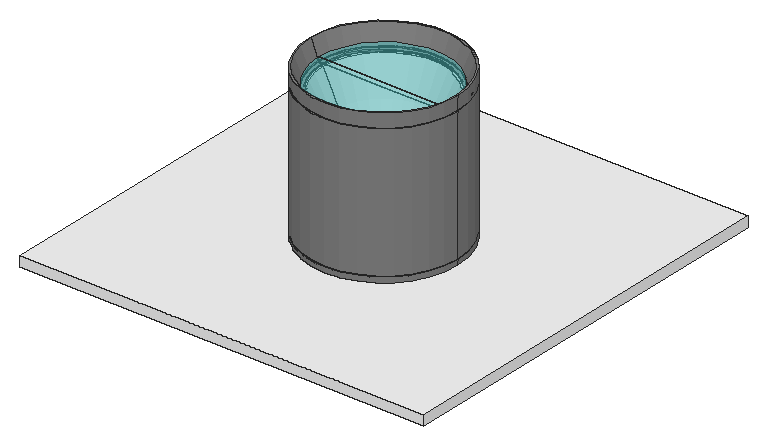
Revit family "BE_24416_de_DE", category Leuchten, Revit 2020
Family settings
  Basisbauteil = Fläche
  Bemaßung runder Anschluss = Durchmesser verwenden
  Teiletyp = Normal
  Beim Laden mit Abzugskörper schneiden = Ja
  Lichtquelle = Ja
  Gemeinsam genutzt = Nein
  Raumberechnungspunkt = Ja
Parameters (values of type "BEGA_24416_Grafit_K3")
  built-in parameter 1150104 = 10.963 (stored number, unit not read)
  Wattage = 24.1 W
  Default Elevation = 0 mm
  built-in parameter 1150113 = 1 (stored number, unit not read)
  built-in parameter 1114218 = 1 (stored number, unit not read)
  Umgebungstemperatur = "25 °C"
  URL = "https://www.bega.com/de/produkt/24416"
  Typenkommentare = "© 2022 BEGA. Wir behalten uns das Recht vor, technische Änderungen ohne vorherige Ankündigung vorzunehmen."  # constant formula
  Type Image = 24416.png
  built-in parameter 1150134 = (empty or 0)
  built-in parameter 1150109 = 1 (stored number, unit not read)
  Strom = "0,7 A"
  built-in parameter 1150110 = 1 (stored number, unit not read)
  Spannung = 239.996 V
  Sonderanfertigung = no
  Seriennummer [instance] = "Hier können Sie die eindeutige Seriennummer für das Facility Management eintragen."
  Schutzklasse = "I"
  Schutzart = "IP 65"
  Scheinlast = 0 VA
  Produktdatenblatt = "https://cdn.bega.com/bega/products/24416WK4/current/documents/data-sheets/de"
  Oberflächentemperatur = ""
  Neigungswinkel = 0.00°
  Modell = "24416K3"
  Material_17 = BEGA_Reflektor
  Material_15 = BEGA_Leuchtmedium_matt
  Material_11 = BEGA_Glas_opal
  Material_09 = BEGA_Glas_klar
  Material_06 = BEGA_Oberfläche_Edelstahl_gebürstet
  Material_03 = BEGA_Oberfläche_Weiss_matt
  Material_02 = BEGA_Oberfläche_Silber_matt
  Material_01 [instance] = BEGA_Oberfläche_Grafit_matt
  M_W = no
  M_G = yes
  M_A = no
  Logo = 0
  built-in parameter 1114217 = 1 (stored number, unit not read)
  built-in parameter 1150139 = (empty or 0)
  built-in parameter 1150105 = 2969.5 (stored number, unit not read)
  built-in parameter 1150114 = 1 (stored number, unit not read)
  Lumens = 2843.8 lm
  built-in parameter 1150115 = 1 (stored number, unit not read)
  Leuchtenlichtstrom = "2835 lm"
  Leuchtenanzahl = ""
  Lebensdauerkriterien = "L70B50 @ 25 °C = 170000 h"
  Lastklassifizierung = Beleuchtung
  built-in parameter 1150112 = 1 (stored number, unit not read)
  Lampenlichtstrom = "3910 lm"
  Lampe = "LED 24.1 W"
  LED_Modulbezeichnung = "LED-0800/830"
  Hersteller = "BEGA"  # constant formula
  Halbstreuwinkel = ""
  Gewicht = "1.7 kg"
  Gebrauchslageneinschränkung [instance] = ""
  Frequenz = "0/50-60 Hz"
  Farbwiedergabeindex = "CRI > 80"
  Farbtemperaturverschiebung bei Dämpfen der Lampe = <Keine Auswahl>
  Farbtemperatur = "3000 K"
  Color Filter = 16777215
  built-in parameter 1150133 = 10 (stored number, unit not read)
  Energieeffizienzklasse = "LED A++ - A"
  built-in parameter 1150137 = (empty or 0)
  built-in parameter 1150132 = (empty or 0)
  ENEC = "ja"
  Dimmbar [instance] = "DALI"
  Datei für fotometrisches Netz = "BE_24416K3.IES"
  CE_Konformität = "ja"
  Bestellnummer = "24416K3"
  Beschreibung_Sonderanfertigung = "Hier können Sie Informationen zur Sonderanfertigung eintragen."
  Beschreibung = "Deckenaufbau-Tiefstrahler"
  built-in parameter 1150106 = 29.695 (stored number, unit not read)
  Befestigungsbohrung = "Ø 4,3 mm"
  Befestigungsabstand = "123 mm"
  Ballwurfsicher = ""
  BEGA_Intern_aus = yes
  BEGA_Intern_an = yes
  BEGA_Intern_Konstruktion = yes
  BEGA_Intern = yes
  BEGA_IES = yes
  BEGA_Dummy = no
  Anschlussleitung = ""
  Anschlussleistung [instance] = "27 W"
  Anschlusskasten = ""
  built-in parameter 1150107 = 3000 (stored number, unit not read)
  built-in parameter 1150102 = (empty or 0)
  built-in parameter 1150138 = (empty or 0)
  Aktualisierung = "2022-05-18T04:00:07"
  Abstand_zur_angestrahlten_Fläche [instance] = ""
  AC/DC = "AC/DC"
Types (4, lengths in mm): name | built-in parameter 1150104 | built-in parameter 1150134 | Modell | M_W | M_G | built-in parameter 1150105 | Lumens | Leuchtenlichtstrom | Lampenlichtstrom | LED_Modulbezeichnung | Farbtemperatur | Datei für fotometrisches Netz | Bestellnummer | built-in parameter 1150106 | built-in parameter 1150107
  BEGA_24416_Weiß_K3 | 10.963 (stored number, unit not read) | (empty or 0) | "24416WK3" | yes | no | 2969.5 (stored number, unit not read) | 2843.8 lm | "2835 lm" | "3910 lm" | "LED-0800/830" | "3000 K" | "BE_24416K3.IES" | "24416WK3" | 29.695 (stored number, unit not read) | 3000 (stored number, unit not read)
  BEGA_24416_Grafit_K4 | 11.241 (stored number, unit not read) | 12 | "24416K4" | no | yes | 3045 (stored number, unit not read) | 2916.1 lm | "2908 lm" | "4010 lm" | "LED-0800/840" | "4000 K" | "BE_24416K4.IES" | "24416K4" | 30.45 (stored number, unit not read) | 4000 (stored number, unit not read)
  BEGA_24416_Grafit_K3 | 10.963 (stored number, unit not read) | (empty or 0) | "24416K3" | no | yes | 2969.5 (stored number, unit not read) | 2843.8 lm | "2835 lm" | "3910 lm" | "LED-0800/830" | "3000 K" | "BE_24416K3.IES" | "24416K3" | 29.695 (stored number, unit not read) | 3000 (stored number, unit not read)
  BEGA_24416_Weiß_K4 | 11.241 (stored number, unit not read) | 12 | "24416WK4" | yes | no | 3045 (stored number, unit not read) | 2916.1 lm | "2908 lm" | "4010 lm" | "LED-0800/840" | "4000 K" | "BE_24416K4.IES" | "24416WK4" | 30.45 (stored number, unit not read) | 4000 (stored number, unit not read)
Reference planes
  plane 1 "Mitte (Vorne/Hinten)": y = 0
  plane 2: z = 0
  plane 3 "Mitte (Links/Rechts)": x = 0
  plane 4 "Links": x = -73.502
  plane 5 "Rechts": x = 73.5
  plane 6 "Unten": y = -73.507
  plane 7 "Oben": y = 73.524
  plane 8 "Vorne": z = 150.2
  plane 9 "Hinten": z = 0
Forms (mm)
  Extrusion 1, solid, material "BEGA_Platte_Weiss"
    sketch origin (0, -1119.2, 0) x (1, 0, 0) y (0, 1, 0)
      loop
        line (-200, 1319.2) -> (-200, 919.2) -> (200, 919.2) -> (200, 1319.2) -> (-200, 1319.2)
    from 0 to -10
  Extrusion 2, solid, material "BEGA_Dummy_matt", visible <- "BEGA_Dummy"
    sketch origin (77.149, -76.023, 0) x (1, 0, 0) y (0, 1, 0)
      loop
        circle (-77.149, 76.023) r 73.522
    from 0 to 150.2
Dimensions and locks
  plane 1 "Mitte (Vorne/Hinten)" to Extrusion 1 = 200 mm
  aligned and locked: plane 2 to Extrusion 1
  aligned and locked: level to Extrusion 1
Nested families
  nested 1: "BE_24416" at (0, 0, 0), type "BE_24416"
Connectors
  electrical at (0, 0, 0), driven by "Lastklassifizierung", driven by "Spannung", driven by "Scheinlast"
    settings: index 1, voltage 239.996 V, apparent load 0 VA, apparent load phase1 0 VA, apparent load phase2 0 VA, apparent load phase3 0 VA, power factor 1, load classification "Beleuchtung", number of poles 1, system type 31, power factor state 1, is connector primary yes, connector utility no, sub classification motor no, connector description ""
Definition of nested family "BE_24416"
  Parameters (values of type "BE_24416")
    Default Elevation = 1 mm
    URL = "http://www.bega.de/de/produkt"
    Type Comments = "© 2015 BEGA. Wir behalten uns das Recht vor, technische Änderungen ohne vorherige Ankündigung vorzunehmen. "  # constant formula
    Type Image = (empty or 0)
    Neigungswinkel_um_Z2 = 0.00°
    Neigungswinkel_um_Z1 = 0.00°
    Neigungswinkel_um_Y2 = 0.00°
    Neigungswinkel_um_Y1 = 0.00°
    Neigungswinkel_um_X2 = 0.00°
    Neigungswinkel_um_X1 = 0.00°
    Material_17 = none
    Material_15 = none
    Material_11 = none
    Material_09 = none
    Material_06 = none
    Material_03 = none
    Material_02 = none
    Material_01 = none
    M_W = yes
    M_G = yes
    M_A = yes
    Länge_Platte = 200 mm  # constant formula
    Höhe_Platte = -10 mm  # constant formula
    Manufacturer = "BEGA"  # constant formula
    Drehwinkel_um_Z2 = 0.00°
    Drehwinkel_um_Z1 = 0.00°
    Breite_Platte = 200 mm  # constant formula
  Reference planes
    plane 1 "Mitte (Oben/Unten)": y = 0
    plane 2: z = 0
    plane 3 "Mitte (Links/Rechts)": x = 0
    plane 4 "Hinten": z = -40
    plane 5 "Links": x = -73.502
    plane 6 "Oben": y = 73.524
    plane 7 "Unten": y = -73.507
    plane 8: z = 150.2
    plane 9: x = 73.5
  Forms (mm)
    Extrusion 1, solid, detail levels medium
      sketch origin (0, 0, 0) x (1, 0, 0) y (0, 1, 0)
        loop
          line (-100, 100) -> (-100, -100) -> (100, -100) -> (100, 100) -> (-100, 100)
      from 0 to -10 <- "Höhe_Platte"
    Revolve 2, solid, material <- "Material_01", visible <- "M_G"
      sketch origin (0, 0, 0) x (1, 0, 0) y (0, 0, 1)
        loop
          line (-73.5, 136.2) -> (-73.5, 6) -> (-72.592, 6) -> (-71.5, 9) -> (-71.5, 24.964) -> (-63.501, 24.964) -> (-62.435, 55.5) -> (0, 55.5) -> (0, 60.5) -> (-61.52, 60.5) -> (-63.5, 117.2) -> (-71.5, 117.2) -> (-71.5, 133.2) -> (-72.592, 136.2) -> (-73.5, 136.2)
        axis (0, 6) -> (0, 136.2)
      angle from 0 to 360
    Revolve 3, solid, material <- "Material_17"
      sketch origin (0, 0, 0) x (1, 0, 0) y (0, 0, 1)
        loop
          arc (-61.084, 127.6) -> (-45.934, 95.233) -> (-27.286, 64.746) r 321.6
          arc (-27.286, 64.746) -> (-26.772, 64.283) -> (-26.105, 64.1) r 1.5
          line (-26.105, 64.1) -> (-25.035, 64.1) -> (-22.5, 64.1) -> (-22.5, 65.2)
          arc (-22.5, 65.2) -> (-22.646, 65.554) -> (-23, 65.7) r 0.5
          line (-23, 65.7) -> (-25.969, 65.7)
          arc (-25.969, 65.7) -> (-44.763, 96.49) -> (-59.972, 129.2) r 319.974
          line (-59.972, 129.2) -> (-64.916, 129.2) -> (-65, 127.6) -> (-61.084, 127.6)
        axis (0, 64.1) -> (0, 129.2)
      angle from 0 to 360
    Revolve 4, solid, material <- "Material_01", visible <- "M_G"
      sketch origin (0, 0, 0) x (1, 0, 0) y (0, 0, 1)
        loop
          line (-73.5, 150.2) -> (-73.5, 137.217) -> (-71.384, 136.994) -> (-69.5, 133.468) -> (-70.5, 132.891) -> (-70.5, 124.35) -> (-68.578, 123.7) -> (-66.339, 123.7) -> (-66.152, 129.2) -> (-62.553, 129.2)
          arc (-62.553, 129.2) -> (-61.858, 129.481) -> (-61.554, 130.166) r 1
          line (-61.554, 130.166) -> (-61.517, 131.2) -> (-64.965, 131.2) -> (-65, 132.2) -> (-72, 150.2) -> (-73.5, 150.2)
        axis (0, 123.7) -> (0, 150.2)
      angle from 0 to 360
    Revolve 5, solid, material <- "Material_15"
      sketch origin (0, 0, 0) x (1, 0, 0) y (0, 0, 1)
        loop
          line (-16, 60.5) -> (0, 60.5) -> (0, 62.05) -> (-16, 62.05) -> (-16, 60.5)
        axis (0, 60.5) -> (0, 62.05)
      angle from 0 to 360
    Revolve 6, solid, material <- "Material_09"
      sketch origin (0, 0, 0) x (1, 0, 0) y (0, 0, 1)
        loop
          line (-64.5, 135.8) -> (-64.5, 131.7) -> (0, 131.7) -> (0, 135.8) -> (-64.5, 135.8)
        axis (0, 131.7) -> (0, 135.8)
      angle from 0 to 360
    Revolve 7, solid, material <- "Material_03", visible <- "M_W"
      sketch origin (0, 0, 0) x (1, 0, 0) y (0, 0, 1)
        loop
          line (-73.5, 136.2) -> (-73.5, 6) -> (-72.592, 6) -> (-71.5, 9) -> (-71.5, 24.964) -> (-63.501, 24.964) -> (-62.435, 55.5) -> (0, 55.5) -> (0, 60.5) -> (-61.52, 60.5) -> (-63.5, 117.2) -> (-71.5, 117.2) -> (-71.5, 133.2) -> (-72.592, 136.2) -> (-73.5, 136.2)
        axis (0, 6) -> (0, 136.2)
      angle from 0 to 360
    Revolve 8, solid, material <- "Material_03", visible <- "M_W"
      sketch origin (0, 0, 0) x (1, 0, 0) y (0, 0, 1)
        loop
          line (-73.5, 150.2) -> (-73.5, 137.217) -> (-71.384, 136.994) -> (-69.5, 133.468) -> (-70.5, 132.891) -> (-70.5, 124.35) -> (-68.578, 123.7) -> (-66.339, 123.7) -> (-66.152, 129.2) -> (-62.553, 129.2)
          arc (-62.553, 129.2) -> (-61.858, 129.481) -> (-61.554, 130.166) r 1
          line (-61.554, 130.166) -> (-61.517, 131.2) -> (-64.965, 131.2) -> (-65, 132.2) -> (-72, 150.2) -> (-73.5, 150.2)
        axis (0, 123.7) -> (0, 150.2)
      angle from 0 to 360
    Revolve 9, solid, material <- "Material_01", visible <- "M_G"
      sketch origin (0, 0, 0) x (1, 0, 0) y (0, 0, 1)
        loop
          line (-66.29, 17) -> (0, 17) -> (0, 20) -> (-70.5, 20) -> (-70.5, 5.299) -> (-73.502, 4.983) -> (-73.502, 0) -> (-66.884, 0) -> (-66.29, 17)
        axis (0, 0) -> (0, 20)
      angle from 0 to 360
    Extrusion 10, solid, material <- "Material_01", visible <- "M_G"
      sketch origin (0, 0, 0) x (1, 0, 0) y (0, 1, 0)
        loop
          circle (-61.5, 0) r 2.233
        loop
          circle (-61.5, 0) r 6.309
        loop
          circle (61.5, 0) r 2.233
        loop
          circle (61.5, 0) r 6.309
      from 0 to 24.964
    Revolve 11, solid, material <- "Material_03", visible <- "M_W"
      sketch origin (0, 0, 0) x (1, 0, 0) y (0, 0, 1)
        loop
          line (-66.29, 17) -> (0, 17) -> (0, 20) -> (-70.5, 20) -> (-70.5, 5.299) -> (-73.502, 4.983) -> (-73.502, 0) -> (-66.884, 0) -> (-66.29, 17)
        axis (0, 0) -> (0, 20)
      angle from 0 to 360
    Extrusion 12, solid, material <- "Material_03", visible <- "M_W"
      sketch origin (0, 0, 0) x (1, 0, 0) y (0, 1, 0)
        loop
          circle (-61.5, 0) r 2.233
        loop
          circle (-61.5, 0) r 6.309
        loop
          circle (61.5, 0) r 2.233
        loop
          circle (61.5, 0) r 6.309
      from 0 to 24.964
    Extrusion 13, void
      sketch origin (0, 0, 0) x (1, 0, 0) y (0, 1, 0)
        loop
          circle (-20, -46) r 7.197
        loop
          circle (-20, 46) r 7.197
      from 0 to 24.964
  Cuts and joins
    Extrusion 13 cuts Revolve 9
    Extrusion 13 cuts Extrusion 10
    joined: Revolve 9, Extrusion 10
    Extrusion 13 cuts Revolve 11
    Extrusion 13 cuts Extrusion 12
    joined: Revolve 11, Extrusion 12
    Extrusion 13 cuts Revolve 2
    Extrusion 13 cuts Revolve 3
    Extrusion 13 cuts Revolve 6
    Extrusion 13 cuts Revolve 7
  Dimensions and locks
    equal spacing: Extrusion 1 sketch curve, plane 3 "Mitte (Links/Rechts)", Extrusion 1 sketch curve
    equal spacing: Extrusion 1 sketch curve, plane 1 "Mitte (Oben/Unten)", Extrusion 1 sketch curve
    "Länge_Platte": Extrusion 1 sketch curve to Extrusion 1 sketch curve
    "Breite_Platte": Extrusion 1 sketch curve to Extrusion 1 sketch curve
    aligned and locked: plane 2 to Extrusion 1
    aligned and locked: level to Extrusion 1
  Automatic sketch dimensions
    Revolve 2 sketch curve to plane 3 "Mitte (Links/Rechts)" = 0 mm  (x2)
    Revolve 2 sketch curve to plane 3 "Mitte (Links/Rechts)" = 61.52 mm
    Revolve 2 sketch curve to Revolve 2 sketch curve = 0.915 mm
    Revolve 2 sketch curve to Revolve 2 sketch curve = 1.98 mm
    Revolve 2 sketch curve to Revolve 2 sketch curve = 1.066 mm
    level to Revolve 2 sketch curve = 9 mm
    Revolve 2 sketch curve to Revolve 2 sketch curve = 7.999 mm
    Revolve 2 sketch curve to Revolve 2 sketch curve = 8 mm
    Revolve 2 sketch curve to Revolve 2 sketch curve = 1.092 mm  (x2)
    level to Revolve 2 sketch curve = 6 mm
    Revolve 2 sketch curve to Revolve 2 sketch curve = 0.908 mm
    Revolve 2 sketch curve to Revolve 2 sketch curve = 15.964 mm
    level to Revolve 2 sketch curve = 55.5 mm
    Revolve 2 sketch curve to Revolve 2 sketch curve = 5 mm
    Revolve 2 sketch curve to Revolve 2 sketch curve = 56.7 mm
    Revolve 2 sketch curve to Revolve 2 sketch curve = 16 mm
    Revolve 2 sketch curve to Revolve 2 sketch curve = 3 mm
    Revolve 2 sketch curve to Revolve 2 sketch curve = 38.059 mm
    Revolve 2 sketch curve to Revolve 2 sketch curve = 10 mm
    Revolve 3 sketch curve to Revolve 3 sketch curve = 0 mm  (x4)
    Revolve 3 sketch curve to plane 3 "Mitte (Links/Rechts)" = 0 mm
    Revolve 3 sketch curve to plane 3 "Mitte (Links/Rechts)" = 22.5 mm
    Revolve 3 sketch curve to Revolve 3 sketch curve = 0.5 mm
    Revolve 3 sketch curve to Revolve 3 sketch curve = 2.035 mm
    Revolve 3 sketch curve to Revolve 3 sketch curve = 1.07 mm
    Revolve 3 sketch curve to plane 3 "Mitte (Links/Rechts)" = 59.972 mm
    Revolve 3 sketch curve to Revolve 3 sketch curve = 1.111 mm
    Revolve 3 sketch curve to Revolve 3 sketch curve = 3.833 mm
    Revolve 3 sketch curve to Revolve 3 sketch curve = 0.084 mm
    Revolve 3 sketch curve to Revolve 3 sketch curve = 1.1 mm
    Revolve 3 sketch curve to Revolve 3 sketch curve = 1.6 mm
    Revolve 3 sketch curve to Revolve 3 sketch curve = 2.969 mm
    Revolve 3 sketch curve to Revolve 3 sketch curve = 36.359 mm
    Revolve 3 sketch curve to Revolve 3 sketch curve = 5 mm
    Revolve 3 sketch curve to Revolve 3 sketch curve = 0.054 mm
    Revolve 3 sketch curve to Revolve 3 sketch curve = 1.499 mm
    Revolve 3 sketch curve to Revolve 3 sketch curve = 20.541 mm
    Revolve 4 sketch curve to plane 3 "Mitte (Links/Rechts)" = 0 mm
    Revolve 4 sketch curve to plane 3 "Mitte (Links/Rechts)" = 61.517 mm
    Revolve 4 sketch curve to Revolve 4 sketch curve = 0.036 mm
    Revolve 4 sketch curve to Revolve 4 sketch curve = 0.999 mm
    Revolve 4 sketch curve to Revolve 4 sketch curve = 2.412 mm
    Revolve 4 sketch curve to Revolve 4 sketch curve = 0.035 mm
    Revolve 4 sketch curve to Revolve 4 sketch curve = 1.187 mm
    Revolve 4 sketch curve to Revolve 4 sketch curve = 0.187 mm
    Revolve 4 sketch curve to Revolve 4 sketch curve = 2.239 mm
    Revolve 4 sketch curve to Revolve 4 sketch curve = 4.5 mm
    Revolve 4 sketch curve to Revolve 4 sketch curve = 1 mm  (x2)
    Revolve 4 sketch curve to Revolve 4 sketch curve = 1.884 mm
    Revolve 4 sketch curve to Revolve 4 sketch curve = 0.616 mm
    Revolve 4 sketch curve to Revolve 4 sketch curve = 2.116 mm
    Revolve 4 sketch curve to Revolve 4 sketch curve = 0.65 mm
    Revolve 4 sketch curve to Revolve 4 sketch curve = 5.5 mm
    Revolve 4 sketch curve to Revolve 4 sketch curve = 0.966 mm
    Revolve 4 sketch curve to Revolve 4 sketch curve = 1.034 mm
    Revolve 4 sketch curve to Revolve 4 sketch curve = 0.691 mm
    Revolve 4 sketch curve to Revolve 4 sketch curve = 0.577 mm
    Revolve 4 sketch curve to Revolve 4 sketch curve = 3.526 mm
    Revolve 4 sketch curve to Revolve 4 sketch curve = 0.222 mm
    Revolve 4 sketch curve to Revolve 4 sketch curve = 12.983 mm
    Revolve 4 sketch curve to Revolve 4 sketch curve = 10 mm
    Revolve 5 sketch curve to plane 3 "Mitte (Links/Rechts)" = 0 mm  (x2)
    Revolve 5 sketch curve to Revolve 5 sketch curve = 16 mm
    Revolve 5 sketch curve to Revolve 5 sketch curve = 0 mm
    level to Revolve 5 sketch curve = 60.5 mm
    Revolve 5 sketch curve to Revolve 5 sketch curve = 1.55 mm
    Revolve 5 sketch curve to Revolve 5 sketch curve = 10.335 mm
    Revolve 5 sketch curve to Revolve 5 sketch curve = 2.718 mm
    Revolve 6 sketch curve to plane 3 "Mitte (Links/Rechts)" = 0 mm  (x2)
    Revolve 6 sketch curve to Revolve 6 sketch curve = 64.5 mm
    Revolve 6 sketch curve to Revolve 6 sketch curve = 4.1 mm
    Revolve 6 sketch curve to Revolve 6 sketch curve = 20 mm
    Revolve 6 sketch curve to Revolve 6 sketch curve = 17.052 mm
    Revolve 7 sketch curve to plane 3 "Mitte (Links/Rechts)" = 0 mm  (x2)
    Revolve 7 sketch curve to plane 3 "Mitte (Links/Rechts)" = 61.52 mm
    Revolve 7 sketch curve to Revolve 7 sketch curve = 0.915 mm
    Revolve 7 sketch curve to Revolve 7 sketch curve = 1.98 mm
    Revolve 7 sketch curve to Revolve 7 sketch curve = 1.066 mm
    level to Revolve 7 sketch curve = 9 mm
    Revolve 7 sketch curve to Revolve 7 sketch curve = 7.999 mm
    Revolve 7 sketch curve to Revolve 7 sketch curve = 8 mm
    Revolve 7 sketch curve to Revolve 7 sketch curve = 1.092 mm  (x2)
    level to Revolve 7 sketch curve = 6 mm
    Revolve 7 sketch curve to Revolve 7 sketch curve = 0.908 mm
    Revolve 7 sketch curve to Revolve 7 sketch curve = 15.964 mm
    level to Revolve 7 sketch curve = 55.5 mm
    Revolve 7 sketch curve to Revolve 7 sketch curve = 5 mm
    Revolve 7 sketch curve to Revolve 7 sketch curve = 56.7 mm
    Revolve 7 sketch curve to Revolve 7 sketch curve = 16 mm
    Revolve 7 sketch curve to Revolve 7 sketch curve = 3 mm
    Revolve 7 sketch curve to Revolve 7 sketch curve = 38.059 mm
    Revolve 7 sketch curve to Revolve 7 sketch curve = 10 mm
    Revolve 8 sketch curve to plane 3 "Mitte (Links/Rechts)" = 0 mm
    Revolve 8 sketch curve to plane 3 "Mitte (Links/Rechts)" = 61.517 mm
    Revolve 8 sketch curve to Revolve 8 sketch curve = 0.036 mm
    Revolve 8 sketch curve to Revolve 8 sketch curve = 0.999 mm
    Revolve 8 sketch curve to Revolve 8 sketch curve = 2.412 mm
    Revolve 8 sketch curve to Revolve 8 sketch curve = 0.035 mm
    Revolve 8 sketch curve to Revolve 8 sketch curve = 1.187 mm
    Revolve 8 sketch curve to Revolve 8 sketch curve = 0.187 mm
    Revolve 8 sketch curve to Revolve 8 sketch curve = 2.239 mm
    Revolve 8 sketch curve to Revolve 8 sketch curve = 4.5 mm
    Revolve 8 sketch curve to Revolve 8 sketch curve = 1 mm  (x2)
    Revolve 8 sketch curve to Revolve 8 sketch curve = 1.884 mm
    Revolve 8 sketch curve to Revolve 8 sketch curve = 0.616 mm
    Revolve 8 sketch curve to Revolve 8 sketch curve = 2.116 mm
    Revolve 8 sketch curve to Revolve 8 sketch curve = 0.65 mm
    Revolve 8 sketch curve to Revolve 8 sketch curve = 5.5 mm
    Revolve 8 sketch curve to Revolve 8 sketch curve = 0.966 mm
    Revolve 8 sketch curve to Revolve 8 sketch curve = 1.034 mm
    Revolve 8 sketch curve to Revolve 8 sketch curve = 0.691 mm
    Revolve 8 sketch curve to Revolve 8 sketch curve = 0.577 mm
    Revolve 8 sketch curve to Revolve 8 sketch curve = 3.526 mm
    Revolve 8 sketch curve to Revolve 8 sketch curve = 0.222 mm
    Revolve 8 sketch curve to Revolve 8 sketch curve = 12.983 mm
    Revolve 8 sketch curve to Revolve 8 sketch curve = 10 mm
    level to Revolve 3 sketch curve = 64.1 mm
    level to Revolve 4 sketch curve = 123.7 mm
    Revolve 4 sketch curve to Revolve 4 sketch curve = 21.001 mm
    level to Revolve 6 sketch curve = 131.7 mm
    level to Revolve 8 sketch curve = 123.7 mm
    Revolve 8 sketch curve to Revolve 8 sketch curve = 21.001 mm
    plane 3 "Mitte (Links/Rechts)" to Revolve 3 sketch curve = 237.314 mm
    Revolve 9 sketch curve to level = 0 mm
    Revolve 9 sketch curve to plane 5 "Links" = 0 mm
    Revolve 9 sketch curve to plane 3 "Mitte (Links/Rechts)" = 0 mm  (x2)
    plane 5 "Links" to Revolve 9 sketch curve = 3.003 mm
    Revolve 9 sketch curve to Revolve 9 sketch curve = 3.616 mm
    Revolve 9 sketch curve to Revolve 9 sketch curve = 4.21 mm
    Revolve 9 sketch curve to Revolve 9 sketch curve = 4.983 mm
    Revolve 9 sketch curve to Revolve 9 sketch curve = 0.316 mm
    Revolve 9 sketch curve to Revolve 9 sketch curve = 11.701 mm
    Revolve 9 sketch curve to Revolve 9 sketch curve = 3 mm
    Revolve 9 sketch curve to Revolve 9 sketch curve = 7.056 mm
    Revolve 9 sketch curve to Revolve 9 sketch curve = 11.305 mm
    Extrusion 10 sketch curve to Extrusion 10 sketch curve = 0 mm  (x4)
    plane 1 "Mitte (Oben/Unten)" to Extrusion 10 sketch curve = 0 mm  (x2)
    plane 5 "Links" to Extrusion 10 sketch curve = 12.002 mm
    Extrusion 10 sketch curve to plane 9 = 12 mm
    Revolve 11 sketch curve to level = 0 mm
    Revolve 11 sketch curve to plane 5 "Links" = 0 mm
    Revolve 11 sketch curve to plane 3 "Mitte (Links/Rechts)" = 0 mm  (x2)
    plane 5 "Links" to Revolve 11 sketch curve = 3.003 mm
    Revolve 11 sketch curve to Revolve 11 sketch curve = 3.616 mm
    Revolve 11 sketch curve to Revolve 11 sketch curve = 4.21 mm
    Revolve 11 sketch curve to Revolve 11 sketch curve = 4.983 mm
    Revolve 11 sketch curve to Revolve 11 sketch curve = 0.316 mm
    Revolve 11 sketch curve to Revolve 11 sketch curve = 11.701 mm
    Revolve 11 sketch curve to Revolve 11 sketch curve = 3 mm
    Revolve 11 sketch curve to Revolve 11 sketch curve = 7.056 mm
    Revolve 11 sketch curve to Revolve 11 sketch curve = 11.305 mm
    Extrusion 12 sketch curve to Extrusion 12 sketch curve = 0 mm  (x4)
    plane 1 "Mitte (Oben/Unten)" to Extrusion 12 sketch curve = 0 mm  (x2)
    plane 5 "Links" to Extrusion 12 sketch curve = 12.002 mm
    Extrusion 12 sketch curve to plane 9 = 12 mm
    radius of Extrusion 10 sketch curve = 2.233 mm  (x2)
    radius of Extrusion 10 sketch curve = 6.309 mm  (x2)
    radius of Extrusion 12 sketch curve = 2.233 mm  (x2)
    radius of Extrusion 12 sketch curve = 6.309 mm  (x2)
